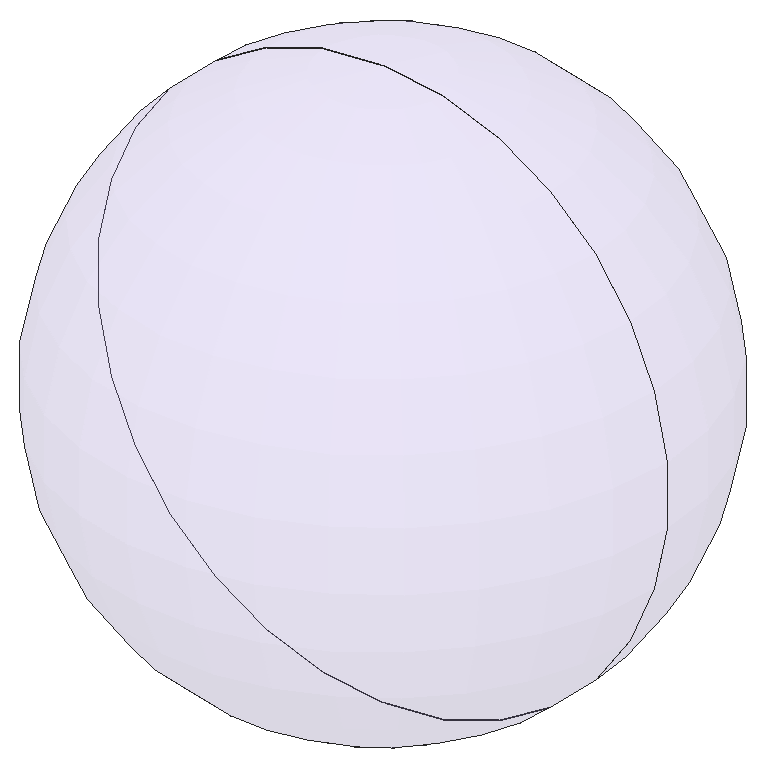
Revit family
Parameters
  Radius [instance] = 4500 mm
  Mass Material [instance] = Default Mass
  Default Elevation = 1200 mm
Reference planes
  plane 1 "Center (Front/Back)": y = 12.955
  plane 2: z = 0
  plane 3 "Center (Left/Right)": x = -30.261
  plane 4: x = -4530.261
  plane 5: y = 4512.955
  plane 6: x = 4469.739
  plane 7: y = -4487.045
  plane 8: z = 4500
  plane 9: z = -4500
Forms (mm)
  Revolve 1, solid, material "Default Mass" <- "Mass Material"
    sketch origin (0, 12.955, 0) x (1, 0, 0) y (0, 0, 1)
      loop
        line (-30.261, -4500) -> (-30.261, 4500)
        arc (-30.261, 4500) -> (-4530.261, 0) -> (-30.261, -4500) r 4500
      axis (-30.261, -4500) -> (-30.261, 4500)
    angle from 0 to 360
Dimensions and locks
  "Radius": plane 5 to plane 1 "Center (Front/Back)"
  "Radius": plane 7 to plane 1 "Center (Front/Back)"
  "Radius": plane 4 to plane 3 "Center (Left/Right)"
  "Radius": plane 3 "Center (Left/Right)" to plane 6
  "Radius": plane 8 to plane 2
  "Radius": plane 2 to plane 9
  locked: plane 2 to Revolve 1 sketch curve
  locked: plane 3 "Center (Left/Right)" to Revolve 1 sketch curve at 0
  locked: plane 2 to level
  aligned and locked: Revolve 1 sketch curve to plane 3 "Center (Left/Right)"
Automatic sketch dimensions
  Revolve 1 sketch curve to plane 3 "Center (Left/Right)" = 0 mm
  Revolve 1 sketch curve to plane 9 = 0 mm
  Revolve 1 sketch curve to Revolve 1 sketch curve = 800 mm
  Revolve 1 sketch curve to Revolve 1 sketch curve = 900 mm
